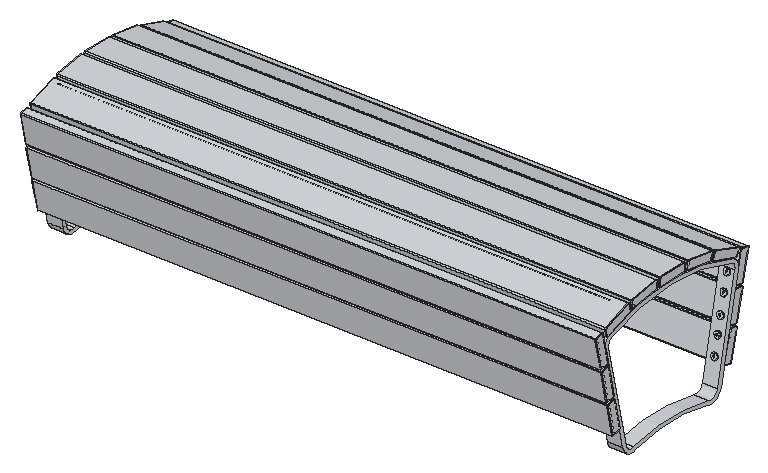
Revit family "Скамейка уличная «Лицей без спинки»", category Мебель, Revit 2017
Family settings
  Номер OmniClass = 23.40.20.00
  Заголовок OmniClass = General Furniture and Specialties
  На основе рабочей плоскости = Нет
  Всегда вертикально = Да
  При загрузке вырезать с полостями = Нет
  Общий = Нет
  Точка расчета площади = Нет
Parameters (values of type "Скамейка уличная «Лицей без спинки» 1,8м")
  Стоимость = 15885
  Изготовитель = "ООО \"Хоббика\""
  URL = "https://hobbyka.ru/product/skameyka_ulichnaya_litsey_bez_spinki/?sphrase_id=63102"
  ADSK_Размер_Ширина = 600 mm
  ADSK_Размер_Длина = 1800 mm
  ADSK_Размер_Высота = 445 mm
  ADSK_Наименование = "Скамейка уличная «Лицей без спинки» 1,8м"
  ADSK_Материал фурнитуры = none
  ADSK_Материал опоры = none
  ADSK_Материал доски = none
  ADSK_Код изделия = "9473"
Reference planes
  plane 1 "По центру (Вперед/Назад)": y = 0
  plane 2: z = 0
  plane 3 "По центру (Влево/Вправо)": x = 0
  plane 4: x = -898
  plane 5: x = 898
  plane 6: x = -900
  plane 7: x = 900
  plane 8: x = -874
  plane 9: x = 874
Forms (mm)
  Extrusion 1, solid, not visible
    sketch origin (0, 0, 0) x (0, 1, 0) y (0, 0, 1)
      loop
        line (162.906, 366.454) -> (63.396, 399.423) -> (-32.955, 414.625) -> (-141.039, 414.625) -> (-237.39, 399.423) -> (-336.9, 366.454) -> (-333.755, 356.961) -> (-235.022, 389.673) -> (-140.255, 404.625) -> (-33.739, 404.625) -> (61.028, 389.673) -> (159.761, 356.961) -> (162.906, 366.454)
    from 0 to 250
Dimensions and locks
  equal spacing: plane 4, plane 3 "По центру (Влево/Вправо)", plane 5
  "ADSK_Размер_Длина": plane 6 to plane 7
  locked: plane 6 to plane 4 at 2
  locked: plane 5 to plane 7 at 2
  locked: plane 4 to plane 8 at 24
  locked: plane 5 to plane 9 at 24
  aligned and locked: level to plane 2
  aligned and locked: plane 4 to nested 1
  aligned and locked: nested 4 to plane 6  (x2)
  aligned and locked: nested 3 to plane 6  (x2)
  aligned and locked: nested 2 to plane 6
  aligned and locked: plane 6 to nested 12
  aligned and locked: plane 6 to nested 11
  aligned and locked: plane 6 to nested 10
  aligned and locked: plane 6 to nested 9
  aligned and locked: plane 6 to nested 8
  aligned and locked: plane 6 to nested 5
  aligned and locked: plane 6 to nested 7
  aligned and locked: plane 6 to nested 6
  aligned and locked: nested 12 to plane 6
  aligned and locked: nested 14 to plane 8
  aligned and locked: nested 13 to plane 8
  aligned and locked: nested 16 to plane 8
  aligned and locked: nested 15 to plane 8
  aligned and locked: nested 18 to plane 8
  aligned and locked: nested 19 to plane 8
  aligned and locked: nested 20 to plane 8
  aligned and locked: nested 21 to plane 8
  aligned and locked: nested 22 to plane 8
  aligned and locked: plane 9 to nested 25
  aligned and locked: plane 9 to nested 24
  aligned and locked: plane 9 to nested 27
  aligned and locked: plane 9 to nested 26
  aligned and locked: plane 9 to nested 29
  aligned and locked: plane 9 to nested 30
  aligned and locked: plane 9 to nested 31
  aligned and locked: plane 9 to nested 32
  aligned and locked: plane 9 to nested 33
  aligned and locked: plane 5 to nested 23
Automatic sketch dimensions
  plane 1 "По центру (Вперед/Назад)" to Extrusion 1 sketch curve = 237.39 mm
  Extrusion 1 sketch curve to Extrusion 1 sketch curve = 2.368 mm  (x2)
  Extrusion 1 sketch curve to Extrusion 1 sketch curve = 93.983 mm
  Extrusion 1 sketch curve to Extrusion 1 sketch curve = 0.784 mm  (x2)
  plane 1 "По центру (Вперед/Назад)" to Extrusion 1 sketch curve = 33.739 mm
  Extrusion 1 sketch curve to plane 1 "По центру (Вперед/Назад)" = 61.028 mm
  Extrusion 1 sketch curve to Extrusion 1 sketch curve = 98.733 mm
  Extrusion 1 sketch curve to Extrusion 1 sketch curve = 3.145 mm  (x2)
  level to Extrusion 1 sketch curve = 356.961 mm
  Extrusion 1 sketch curve to Extrusion 1 sketch curve = 9.493 mm  (x2)
  Extrusion 1 sketch curve to Extrusion 1 sketch curve = 0 mm
  Extrusion 1 sketch curve to Extrusion 1 sketch curve = 14.953 mm
  Extrusion 1 sketch curve to Extrusion 1 sketch curve = 10 mm
  Extrusion 1 sketch curve to Extrusion 1 sketch curve = 32.712 mm
Nested families
  nested 1: "Опора" at (-898, -40, 2.349), Материал опоры <- "ADSK_Материал опоры", type "Опора"
  nested 2: "Доска" at (900, -289.735, 84.697) x (-1, 0, 0) z (0, -0.9758, -0.2187), Длина доски <- "ADSK_Размер_Длина", Материал доски <- "ADSK_Материал доски", type "Доска"
    with Материал доски none, Длина доски 1800 mm
  nested 3: "Доска" at (900, -312.678, 187.067) x (-1, 0, 0) z (0, -0.9758, -0.2187), Длина доски <- "ADSK_Размер_Длина", Материал доски <- "ADSK_Материал доски", type "Доска"
    with Материал доски none, Длина доски 1800 mm
  nested 4: "Доска" at (900, -335.662, 289.615) x (-1, 0, 0) z (0, -0.9758, -0.2187), Длина доски <- "ADSK_Размер_Длина", Материал доски <- "ADSK_Материал доски", type "Доска"
    with Материал доски none, Длина доски 1800 mm
  nested 5: "Доска" at (-900, 115.735, 84.699) x (1, 0, 0) z (0, 0.9758, -0.2187), Длина доски <- "ADSK_Размер_Длина", Материал доски <- "ADSK_Материал доски", type "Доска"
    with Материал доски none, Длина доски 1800 mm
  nested 6: "Доска" at (-900, 138.679, 187.068) x (1, 0, 0) z (0, 0.9758, -0.2187), Длина доски <- "ADSK_Размер_Длина", Материал доски <- "ADSK_Материал доски", type "Доска"
    with Материал доски none, Длина доски 1800 mm
  nested 7: "Доска" at (-900, 161.662, 289.616) x (1, 0, 0) z (0, 0.9758, -0.2187), Длина доски <- "ADSK_Размер_Длина", Материал доски <- "ADSK_Материал доски", type "Доска"
    with Материал доски none, Длина доски 1800 mm
  nested 8: "Доска" at (-900, 165.754, 365.51) x (1, 0, 0) z (0, 0.3145, 0.9493), Длина доски <- "ADSK_Размер_Длина", Материал доски <- "ADSK_Материал доски", type "Доска"
    with Материал доски none, Длина доски 1800 mm
  nested 9: "Доска" at (-900, 67.156, 398.83) x (1, 0, 0) z (0, 0.1559, 0.9878), Длина доски <- "ADSK_Размер_Длина", Материал доски <- "ADSK_Материал доски", type "Доска"
    with Материал доски none, Длина доски 1800 mm
  nested 10: "Доска" at (-900, -36.997, 414.625), Длина доски <- "ADSK_Размер_Длина", Материал доски <- "ADSK_Материал доски", type "Доска"
    with Материал доски none, Длина доски 1800 mm
  nested 11: "Доска" at (-900, -142.372, 414.415) x (1, 0, 0) z (0, -0.1559, 0.9878), Длина доски <- "ADSK_Размер_Длина", Материал доски <- "ADSK_Материал доски", type "Доска"
    with Материал доски none, Длина доски 1800 mm
  nested 12: "Доска" at (-900, -244.822, 396.961) x (1, 0, 0) z (0, -0.3145, 0.9493), Длина доски <- "ADSK_Размер_Длина", Материал доски <- "ADSK_Материал доски", type "Доска"
    with Материал доски none, Длина доски 1800 mm
  nested 13: "Семейство4" at (-874, -284.208, 105.763) x (-1, 0, 0) z (0, 0.9758, 0.2187), Материал фурнитуры <- "ADSK_Материал фурнитуры", type "Семейство4"
  nested 14: "Семейство4" at (-874, -296.901, 162.398) x (-1, 0, 0) z (0, 0.9758, 0.2187), Материал фурнитуры <- "ADSK_Материал фурнитуры", type "Семейство4"
  nested 15: "Семейство4" at (-874, -307.836, 211.188) x (-1, 0, 0) z (0, 0.9758, 0.2187), Материал фурнитуры <- "ADSK_Материал фурнитуры", type "Семейство4"
  nested 16: "Семейство4" at (-874, -320.959, 269.735) x (-1, 0, 0) z (0, 0.9758, 0.2187), Материал фурнитуры <- "ADSK_Материал фурнитуры", type "Семейство4"
  nested 17: "Семейство4" at (-874, -332.987, 323.404) x (-1, 0, 0) z (0, 0.9758, 0.2187), Материал фурнитуры <- "ADSK_Материал фурнитуры", type "Семейство4"
  nested 18: "Семейство4" at (-874, 110.281, 106.09) x (-1, 0, 0) z (0, -0.9758, 0.2187), Материал фурнитуры <- "ADSK_Материал фурнитуры", type "Семейство4"
  nested 19: "Семейство4" at (-874, 122.772, 161.82) x (-1, 0, 0) z (0, -0.9758, 0.2187), Материал фурнитуры <- "ADSK_Материал фурнитуры", type "Семейство4"
  nested 20: "Семейство4" at (-874, 133.839, 211.201) x (-1, 0, 0) z (0, -0.9758, 0.2187), Материал фурнитуры <- "ADSK_Материал фурнитуры", type "Семейство4"
  nested 21: "Семейство4" at (-874, 146.808, 269.062) x (-1, 0, 0) z (0, -0.9758, 0.2187), Материал фурнитуры <- "ADSK_Материал фурнитуры", type "Семейство4"
  nested 22: "Семейство4" at (-874, 158.844, 322.764) x (-1, 0, 0) z (0, -0.9758, 0.2187), Материал фурнитуры <- "ADSK_Материал фурнитуры", type "Семейство4"
  nested 23: "Опора" at (898, -40, 2.349) x (-1, 0, 0) z (0, 0, 1), Материал опоры <- "ADSK_Материал опоры", type "Опора"
  nested 24: "Семейство4" at (874, -284.208, 105.763) x (1, 0, 0) z (0, 0.9758, 0.2187), Материал фурнитуры <- "ADSK_Материал фурнитуры", type "Семейство4"
  nested 25: "Семейство4" at (874, -296.901, 162.398) x (1, 0, 0) z (0, 0.9758, 0.2187), Материал фурнитуры <- "ADSK_Материал фурнитуры", type "Семейство4"
  nested 26: "Семейство4" at (874, -307.836, 211.188) x (1, 0, 0) z (0, 0.9758, 0.2187), Материал фурнитуры <- "ADSK_Материал фурнитуры", type "Семейство4"
  nested 27: "Семейство4" at (874, -320.959, 269.735) x (1, 0, 0) z (0, 0.9758, 0.2187), Материал фурнитуры <- "ADSK_Материал фурнитуры", type "Семейство4"
  nested 28: "Семейство4" at (874, -332.987, 323.404) x (1, 0, 0) z (0, 0.9758, 0.2187), Материал фурнитуры <- "ADSK_Материал фурнитуры", type "Семейство4"
  nested 29: "Семейство4" at (874, 110.281, 106.09) x (1, 0, 0) z (0, -0.9758, 0.2187), Материал фурнитуры <- "ADSK_Материал фурнитуры", type "Семейство4"
  nested 30: "Семейство4" at (874, 122.772, 161.82) x (1, 0, 0) z (0, -0.9758, 0.2187), Материал фурнитуры <- "ADSK_Материал фурнитуры", type "Семейство4"
  nested 31: "Семейство4" at (874, 133.839, 211.201) x (1, 0, 0) z (0, -0.9758, 0.2187), Материал фурнитуры <- "ADSK_Материал фурнитуры", type "Семейство4"
  nested 32: "Семейство4" at (874, 146.808, 269.062) x (1, 0, 0) z (0, -0.9758, 0.2187), Материал фурнитуры <- "ADSK_Материал фурнитуры", type "Семейство4"
  nested 33: "Семейство4" at (874, 158.844, 322.764) x (1, 0, 0) z (0, -0.9758, 0.2187), Материал фурнитуры <- "ADSK_Материал фурнитуры", type "Семейство4"
Definition of nested family "Опора"
  Parameters (values of type "Опора")
    Материал опоры [instance] = none
  Reference planes
    plane 1 "По центру (Вперед/Назад)": y = 0
    plane 2: z = 0
    plane 3 "По центру (Влево/Вправо)": x = 0
    plane 4: x = 48
  Forms (mm)
    Extrusion 1, solid, material <- "Материал опоры"
      sketch origin (0, 0, 0) x (0, 1, 0) y (0, 0, 1)
        loop
          arc (-227.266, 27.824) -> (-214.435, 10.804) -> (-193.177, 9.231) r 25.82
          arc (-193.177, 9.231) -> (-47, 27.741) -> (99.177, 9.231) r 586.464
          arc (99.177, 9.231) -> (120.426, 10.799) -> (133.262, 27.806) r 25.82
          line (133.262, 27.806) -> (201.189, 330.878)
          arc (201.189, 330.878) -> (199.088, 346.64) -> (187.264, 357.273) r 23
          arc (187.264, 357.273) -> (-46.997, 402.274) -> (-281.275, 357.364) r 632.875
          arc (-281.275, 357.364) -> (-293.106, 346.732) -> (-295.208, 330.966) r 23
          line (-295.208, 330.966) -> (-227.266, 27.824)
        loop
          arc (190.967, 366.561) -> (-46.995, 412.274) -> (-284.975, 366.654) r 642.875
          arc (-284.975, 366.654) -> (-301.949, 351.4) -> (-304.966, 328.779) r 33
          line (-304.966, 328.779) -> (-237.024, 25.637)
          arc (-237.024, 25.637) -> (-219.46, 2.155) -> (-190.243, -0.34) r 35.82
          arc (-190.243, -0.34) -> (-47, 17.741) -> (96.243, -0.34) r 576.464
          arc (96.243, -0.34) -> (125.451, 2.15) -> (143.019, 25.616) r 35.82
          line (143.019, 25.616) -> (210.947, 328.691)
          arc (210.947, 328.691) -> (207.933, 351.306) -> (190.967, 366.561) r 33
      from 0 to 48
  Dimensions and locks
    plane 3 "По центру (Влево/Вправо)" to plane 4 = 48 mm
    aligned and locked: level to plane 2
Definition of nested family "Доска"
  Parameters (values of type "Доска")
    Default Elevation = 1219.2 mm
    Материал доски [instance] = none
    Длина доски [instance] = 1200 mm
  Reference planes
    plane 1 "По центру (Вперед/Назад)": y = 0
    plane 2: z = 0
    plane 3 "По центру (Влево/Вправо)": x = 0
    plane 4: x = 2
    plane 5: x = 1200
    plane 6: x = 1198
    plane 7: x = 1153
    plane 8: x = 47
    plane 9: y = -50
  Forms (mm)
    Extrusion 1, solid
      sketch origin (0, 0, 0) x (1, 0, 0) y (0, 1, 0)
        loop
          line (-1219.2, 1219.2) -> (-1219.2, -1219.2) -> (1219.2, -1219.2) -> (1219.2, 1219.2) -> (-1219.2, 1219.2)
      from 0 to -304.8
    Extrusion 2, solid, material <- "Материал доски"
      sketch origin (0, 0, 0) x (0, 1, 0) y (0, 0, 1)
        loop
          line (-3, 30) -> (-97, 30) -> (-100, 27) -> (-100, 3) -> (-97, 0) -> (-3, 0) -> (0, 3) -> (0, 27) -> (-3, 30)
      from 2 to 1198
    Blend 3, solid, material <- "Материал доски"
      base sketch origin (0, 0, 0) x (0, 1, 0) y (0, 0, 1)
        loop
          line (-3, 30) -> (-97, 30) -> (-100, 27) -> (-100, 3) -> (-97, 0) -> (-3, 0) -> (0, 3) -> (0, 27) -> (-3, 30)
      top sketch origin (0, 0, 0) x (0, 1, 0) y (0, 0, 1)
        loop
          line (-95.757, 27) -> (-97, 25.757) -> (-97, 4.243) -> (-95.757, 3) -> (-4.243, 3) -> (-3, 4.243) -> (-3, 25.757) -> (-4.243, 27) -> (-95.757, 27)
      from 2 to 0
    Blend 4, solid, material <- "Материал доски"
      base sketch origin (797.627, 0, 0) x (0, 1, 0) y (0, 0, -1)
        loop
          line (-3, -30) -> (0, -27) -> (0, -3) -> (-3, 0) -> (-97, 0) -> (-100, -3) -> (-100, -27) -> (-97, -30) -> (-3, -30)
      top sketch origin (797.627, 0, 0) x (0, 1, 0) y (0, 0, -1)
        loop
          line (-95.757, -27) -> (-4.243, -27) -> (-3, -25.757) -> (-3, -4.243) -> (-4.243, -3) -> (-95.757, -3) -> (-97, -4.243) -> (-97, -25.757) -> (-95.757, -27)
      from -400.373 to -402.373
  Dimensions and locks
    locked: plane 3 "По центру (Влево/Вправо)" to plane 4 at 2
    locked: plane 6 to plane 5 at 2
    plane 4 to plane 8 = 45 mm
    plane 7 to plane 6 = 45 mm
    "Длина доски": plane 3 "По центру (Влево/Вправо)" to plane 5
    aligned and locked: plane 2 to Extrusion 1
    aligned and locked: level to Extrusion 1
    aligned and locked: Extrusion 2 to plane 4
    aligned and locked: plane 6 to Extrusion 2
    aligned and locked: plane 3 "По центру (Влево/Вправо)" to Blend 3  (x2)
    aligned and locked: plane 4 to Blend 3
    aligned and locked: plane 5 to Blend 4
    aligned and locked: Blend 4 to plane 6
    aligned and locked: Blend 3 to plane 4
  Automatic sketch dimensions
    Extrusion 1 sketch curve to Extrusion 1 sketch curve = 2438.4 mm  (x2)
    Extrusion 2 sketch curve to level = 0 mm
    Extrusion 2 sketch curve to plane 1 "По центру (Вперед/Назад)" = 0 mm
    plane 1 "По центру (Вперед/Назад)" to Extrusion 2 sketch curve = 3 mm  (x2)
    Extrusion 2 sketch curve to plane 9 = 47 mm
    Extrusion 2 sketch curve to Extrusion 2 sketch curve = 0 mm
    Extrusion 2 sketch curve to Extrusion 2 sketch curve = 3 mm  (x2)
    level to Extrusion 2 sketch curve = 3 mm  (x2)
    Extrusion 2 sketch curve to Extrusion 2 sketch curve = 24 mm  (x2)
    Blend 3 sketch curve to level = 0 mm
    Blend 3 sketch curve to plane 1 "По центру (Вперед/Назад)" = 0 mm
    plane 1 "По центру (Вперед/Назад)" to Blend 3 sketch curve = 3 mm  (x2)
    Blend 3 sketch curve to plane 9 = 47 mm  (x2)
    Blend 3 sketch curve to Blend 3 sketch curve = 0 mm
    Blend 3 sketch curve to Blend 3 sketch curve = 3 mm  (x2)
    level to Blend 3 sketch curve = 3 mm  (x3)
    Blend 3 sketch curve to Blend 3 sketch curve = 24 mm  (x2)
    level to Blend 3 sketch curve = 4.243 mm
    Blend 3 sketch curve to Blend 3 sketch curve = 1.243 mm  (x5)
    plane 1 "По центру (Вперед/Назад)" to Blend 3 sketch curve = 4.243 mm  (x2)
    Blend 3 sketch curve to Blend 3 sketch curve = 21.515 mm  (x2)
    Blend 4 sketch curve to level = 0 mm
    Blend 4 sketch curve to plane 1 "По центру (Вперед/Назад)" = 0 mm
    plane 1 "По центру (Вперед/Назад)" to Blend 4 sketch curve = 3 mm  (x2)
    Blend 4 sketch curve to plane 9 = 47 mm  (x2)
    Blend 4 sketch curve to Blend 4 sketch curve = 0 mm
    Blend 4 sketch curve to Blend 4 sketch curve = 3 mm  (x2)
    level to Blend 4 sketch curve = 3 mm  (x3)
    Blend 4 sketch curve to Blend 4 sketch curve = 24 mm  (x2)
    level to Blend 4 sketch curve = 4.243 mm
    Blend 4 sketch curve to Blend 4 sketch curve = 1.243 mm  (x5)
    plane 1 "По центру (Вперед/Назад)" to Blend 4 sketch curve = 4.243 mm  (x2)
    Blend 4 sketch curve to Blend 4 sketch curve = 21.515 mm  (x2)
Definition of nested family "Семейство4"
  Parameters (values of type "Семейство4")
    Default Elevation = 1219.2 mm
    Материал фурнитуры [instance] = none
  Reference planes
    plane 1 "По центру (Вперед/Назад)": y = 0
    plane 2: z = 0
    plane 3 "По центру (Влево/Вправо)": x = 0
  Forms (mm)
    Extrusion 1, solid
      sketch origin (0, 0, 0) x (1, 0, 0) y (0, 1, 0)
        loop
          line (-1219.2, 1219.2) -> (-1219.2, -1219.2) -> (1219.2, -1219.2) -> (1219.2, 1219.2) -> (-1219.2, 1219.2)
      from 0 to -304.8
    Extrusion 2, solid, material <- "Материал фурнитуры"
      sketch origin (0, 0, 0) x (1, 0, 0) y (0, 1, 0)
        loop
          circle (0, 0) r 10
      from 0 to 1
    Extrusion 3, void
      sketch origin (0, 0, 0) x (1, 0, 0) y (0, 1, 0)
        loop
          line (-4, 1) -> (-4, -1) -> (-1, -1) -> (-1, -4) -> (1, -4) -> (1, -1) -> (4, -1) -> (4, 1) -> (1, 1) -> (1, 4) -> (-1, 4) -> (-1, 1) -> (-4, 1)
      from 0 to 1
  Cuts and joins
    Extrusion 3 cuts Extrusion 2
  Dimensions and locks
    aligned and locked: plane 2 to Extrusion 1
    aligned and locked: level to Extrusion 1
